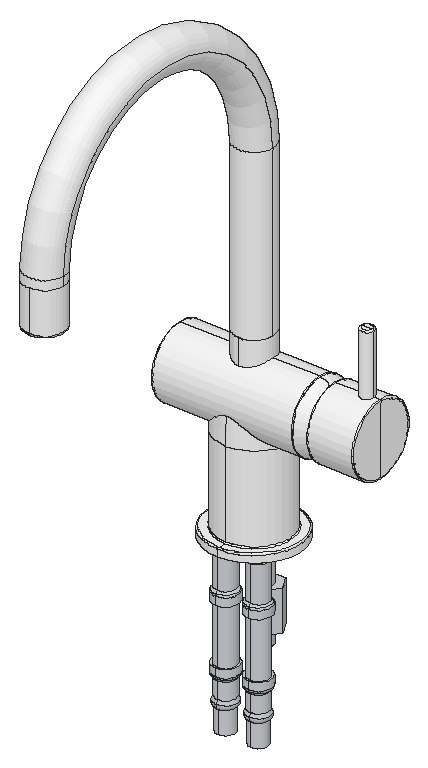
Revit family "Reece_Tap_Sussex_Scala Mini_Basin or Sink Mixer_Curved", category Plumbing Fixtures, host Face, Revit 2018
Family settings
  Host = Face
  Round Connector Dimension = Use Diameter
  Part Type = Normal
  Cut with Voids When Loaded = No
  Shared = Yes
  Room Calculation Point = Yes
Parameters (values of type "150 mm_Chrome_Right Hand")
  WFU = 0  # constant formula
  URL = "https://www.reece.com.au/product/-225941"
  Type Comments = "Tap"
  Reece_Tap_Right_Offset = 33 mm
  Reece_Tap_Reach = 130 mm  # constant formula
  Reece_Tap_Left_Offset = 37 mm
  Reece_Tap_Inlet = 12 mm  # constant formula
  Reece_Tap_Clearance = 150 mm  # constant formula
  Reece_Right_Hand = not(Reece_Left_Hand)  # yes
  Reece_Product_Web Page = "https://www.reece.com.au/product/-225941"
  Reece_Product_Type = "Tap"  # constant formula
  Reece_Product_Sub Brand = "Scala Mini"  # constant formula
  Reece_Product_Number = "225941"
  Reece_Product_Mount = "Hob Mounted"
  Reece_Product_Description = "Sussex Scala Mini Basin / Sink Mixer Tap Small Curved Right Hand Chrome (5 Star)"
  Reece_Product_Brand = "Sussex"  # constant formula
  Reece_Overall_Height = 250 mm  # constant formula
  Reece_Material_Main = Reece_Brass_Chrome
  Reece_Left_Hand = no
  Reece_Detail_Shape = "Curved"  # constant formula
  Reece_Detail_Function = "Basin / Sink Mixer"  # constant formula
  Reece_Detail_Disclaimer = "THIS FILE IS THE PROPERTY OF THE REECE GROUP. IT MAY NOT BE REPRODUCED, REVERSE-ENGINEERED OR MODIFIED. ANY REPUBLICATION, TRANSMISSION OR DISTRIBUTION FOR THE PURPOSE OF COMMERCIALLY EXPLOITING THE FILES IS PROHIBITED."  # constant formula
  Reece_Detail_Additional = "Small"  # constant formula
  Model = "Scala Mini"
  Manufacturer = "Sussex"
  Keynote = "Product #225941, Reece_Tap_Sussex_Scala Mini_Basin or Sink Mixer_Curved - 150 mm_Chrome_Right Hand"
  HWFU = 0  # constant formula
  Disclaimer = "THIS FILE IS THE PROPERTY OF THE REECE GROUP. IT MAY NOT BE REPRODUCED, REVERSE-ENGINEERED OR MODIFIED. ANY REPUBLICATION, TRANSMISSION OR DISTRIBUTION FOR THE PURPOSE OF COMMERCIALLY EXPLOITING THE FILES IS PROHIBITED."  # constant formula
  Description = "Scala Mini Basin / Sink Mixer Tap Small Curved Right Hand Chrome (5 Star)"
  Default Elevation = 1000 mm
  CWFU = 0  # constant formula
Types (5, lengths in mm): name | URL | Reece_Tap_Right_Offset | Reece_Tap_Left_Offset | Reece_Right_Hand | Reece_Product_Web Page | Reece_Product_Number | Reece_Product_Description | Reece_Material_Main | Reece_Left_Hand | Keynote | Description
  150 mm_Chrome_Left Hand | "https://www.reece.com.au/product/-2262894" | 37 | 33 | no | "https://www.reece.com.au/product/-2262894" | "2262894" | "Sussex Scala Mini Basin / Sink Mixer Tap Small Curved Left Hand Chrome (5 Star)" | Reece_Brass_Chrome | yes | "Product #2262894, Reece_Tap_Sussex_Scala Mini_Basin or Sink Mixer_Curved - 150 mm_Chrome_Left Hand" | "Scala Mini Basin / Sink Mixer Tap Small Curved Left Hand Chrome (5 Star)"
  150 mm_PVD Brushed Platinum Gold_Left Hand | "https://www.reece.com.au/product/-2268209" | 37 | 33 | no | "https://www.reece.com.au/product/-2268209" | "2268209" | "Sussex Scala Mini Basin / Sink Mixer Tap Small Curved Left Hand LUX PVD Brushed Platinum Gold (5 Star)" | Reece_PVD_Brushed_Platinum Gold | yes | "Product #2268209, Reece_Tap_Sussex_Scala Mini_Basin or Sink Mixer_Curved - 150 mm_PVD Brushed Platinum Gold_Left Hand" | "Scala Mini Basin / Sink Mixer Tap Small Curved Left Hand LUX PVD Brushed Platinum Gold (5 Star)"
  150 mm_Chrome_Right Hand | "https://www.reece.com.au/product/-225941" | 33 | 37 | yes | "https://www.reece.com.au/product/-225941" | "225941" | "Sussex Scala Mini Basin / Sink Mixer Tap Small Curved Right Hand Chrome (5 Star)" | Reece_Brass_Chrome | no | "Product #225941, Reece_Tap_Sussex_Scala Mini_Basin or Sink Mixer_Curved - 150 mm_Chrome_Right Hand" | "Scala Mini Basin / Sink Mixer Tap Small Curved Right Hand Chrome (5 Star)"
  150 mm_PVD Brushed Platinum Gold_Right Hand | "https://www.reece.com.au/product/-2268208" | 33 | 37 | yes | "https://www.reece.com.au/product/-2268208" | "2268208" | "Sussex Scala Mini Basin / Sink Mixer Tap Small Curved Right Hand LUX PVD Brushed Platinum Gold (5 Star)" | Reece_PVD_Brushed_Platinum Gold | no | "Product #2268208, Reece_Tap_Sussex_Scala Mini_Basin or Sink Mixer_Curved - 150 mm_PVD Brushed Platinum Gold_Right Hand" | "Scala Mini Basin / Sink Mixer Tap Small Curved Right Hand LUX PVD Brushed Platinum Gold (5 Star)"
  150 mm_Matte Black_Right Hand | "https://www.reece.com.au/product/-2263333" | 33 | 37 | yes | "https://www.reece.com.au/product/-2263333" | "2263333" | "Sussex Scala Mini Basin / Sink Mixer Tap Small Curved Right Hand Matte Black (5 Star)" | Reece_Brass_Matte Black | no | "Product #2263333, Reece_Tap_Sussex_Scala Mini_Basin or Sink Mixer_Curved - 150 mm_Matte Black_Right Hand" | "Scala Mini Basin / Sink Mixer Tap Small Curved Right Hand Matte Black (5 Star)"
Reference planes
  plane 1 "Center (Front/Back)": y = 0
  plane 2 "Bottom": z = 0
  plane 3 "Center (Left/Right)": x = 0
  plane 4: z = 150
  plane 5: y = -130
  plane 6: z = 250
  plane 7: z = 65
  plane 8: z = 82
  plane 9: x = 33
  plane 10: x = -37
  plane 11: x = -67
  plane 12: z = 47
  plane 13: z = 112
Forms (mm)
  Revolve 1, solid, material "Reece_Brass_Chrome" <- "Reece_Material_Main"
    sketch origin (0, 0, 0) x (0, 1, 0) y (0, 0, 1)
      loop
        line (-15.193, 0) -> (-15.193, 1.889) -> (0, 1.889) -> (0, 92.591) -> (-8.384, 92.591) -> (-9.5, 91.654) -> (-9.5, 65) -> (-16.5, 65)
        arc (-16.5, 65) -> (-17.25, 56.014) -> (-17.5, 47) r 162.5
        line (-17.5, 47) -> (-17.5, 4.5)
        arc (-17.5, 4.5) -> (-17.646, 4.146) -> (-18, 4) r 0.5
        line (-18, 4) -> (-21.9, 4)
        arc (-21.9, 4) -> (-22.324, 3.824) -> (-22.5, 3.4) r 0.6
        line (-22.5, 3.4) -> (-22.5, 0) -> (-15.193, 0)
      axis (0, 92.591) -> (0, 0)
    angle from 0 to 360
  Revolve 2, solid, material "Reece_Brass_Chrome" <- "Reece_Material_Main"
    sketch origin (0, 0, 0) x (1, 0, 0) y (0, 0, 1)
      loop
        line (-37, 64.5) -> (33, 64.5) -> (33, 81.5)
        arc (33, 81.5) -> (32.854, 81.854) -> (32.5, 82) r 0.5
        line (32.5, 82) -> (-36.475, 82)
        arc (-36.475, 82) -> (-36.846, 81.846) -> (-37, 81.475) r 0.525
        line (-37, 81.475) -> (-37, 64.5)
      axis (-37, 64.5) -> (33, 64.5)
    angle from 0 to 360
  Sweep 3, solid, material "Reece_Brass_Chrome" <- "Reece_Material_Main"
    path origin (0, 0, 0.312) x (0, 1, 0) y (0, 0, 1)
      loop
        line (0, 91.687) -> (0, 175.172)
        arc (0, 175.172) -> (-65, 240.172) -> (-130, 175.172) r 65
        line (-130, 175.172) -> (-130, 170.635)
    profile origin (0, 0, 133.742) x (0, -1, 0) y (1, 0, 0)
      loop
        circle (0, 0) r 9.5
  Revolve 4, solid, material "Reece_Brass_Chrome" <- "Reece_Material_Main"
    sketch origin (0, -0.135, 0.051) x (0, 1, 0) y (0, 0, 1)
      loop
        line (-129.865, 170.896) -> (-139.38, 170.896) -> (-139.38, 150.5)
        arc (-139.38, 150.5) -> (-139.234, 150.146) -> (-138.88, 150) r 0.5
        line (-138.88, 150) -> (-137.985, 150) -> (-137.985, 150.896) -> (-137.103, 150.896) -> (-136.685, 150) -> (-129.865, 150) -> (-129.865, 170.896)
      axis (-129.865, 170.896) -> (-129.865, 150)
    angle from 0 to 360
  Revolve 5, solid, material "Reece_Brass_Chrome" <- "Reece_Material_Main", visible <- "Reece_Left_Hand"
    sketch origin (0, 0, 0) x (1, 0, 0) y (0, 0, 1)
      loop
        arc (-37, 81.35) -> (-45.301, 74.684) -> (-48.402, 64.5) r 18.053
        line (-48.402, 64.5) -> (-37, 64.5) -> (-37, 81.35)
      axis (-48.402, 64.5) -> (-37, 64.5)
    angle from 0 to 360
  Revolve 6, solid, material "Reece_Brass_Chrome" <- "Reece_Material_Main", visible <- "Reece_Left_Hand"
    sketch origin (0, 0, 0) x (1, 0, 0) y (0, 0, 1)
      loop
        line (-66.996, 64.5) -> (-44, 64.5) -> (-44, 81.5)
        arc (-44, 81.5) -> (-44.146, 81.854) -> (-44.5, 82) r 0.5
        line (-44.5, 82) -> (-66.496, 82)
        arc (-66.496, 82) -> (-66.85, 81.854) -> (-66.996, 81.5) r 0.5
        line (-66.996, 81.5) -> (-66.996, 64.5)
      axis (-66.996, 64.5) -> (-44, 64.5)
    angle from 0 to 360
  Revolve 7, solid, material "Reece_Brass_Chrome" <- "Reece_Material_Main", visible <- "Reece_Left_Hand"
    sketch origin (0, 0, 0) x (1, 0, 0) y (0, 0, 1)
      loop
        line (-60.2, 112) -> (-60.2, 73.2) -> (-57.05, 73.2) -> (-57.05, 111.385)
        arc (-57.05, 111.385) -> (-57.23, 111.82) -> (-57.665, 112) r 0.615
        line (-57.665, 112) -> (-60.2, 112)
      axis (-60.2, 112) -> (-60.2, 73.2)
    angle from 0 to 360
  Revolve 8, solid, material "Reece_Brass_Chrome" <- "Reece_Material_Main", visible <- "Reece_Right_Hand"
    sketch origin (4, 0, 0) x (-1, 0, 0) y (0, 0, -1)
      loop
        arc (-40.402, -64.5) -> (-37.559, -75.112) -> (-29, -82) r 17.695
        line (-29, -82) -> (-29, -64.5) -> (-40.402, -64.5)
      axis (-40.402, -64.5) -> (-29, -64.5)
    angle from 0 to 360
  Revolve 9, solid, material "Reece_Brass_Chrome" <- "Reece_Material_Main", visible <- "Reece_Right_Hand"
    sketch origin (4, 0, 0) x (-1, 0, 0) y (0, 0, -1)
      loop
        line (-58.996, -64.5) -> (-58.996, -81.5)
        arc (-58.996, -81.5) -> (-58.85, -81.854) -> (-58.496, -82) r 0.5
        line (-58.496, -82) -> (-36.5, -82)
        arc (-36.5, -82) -> (-36.146, -81.854) -> (-36, -81.5) r 0.5
        line (-36, -81.5) -> (-36, -64.5) -> (-58.996, -64.5)
      axis (-58.996, -64.5) -> (-36, -64.5)
    angle from 0 to 360
  Revolve 10, solid, material "Reece_Brass_Chrome" <- "Reece_Material_Main", visible <- "Reece_Right_Hand"
    sketch origin (4, 0, 0) x (-1, 0, 0) y (0, 0, -1)
      loop
        line (-52.2, -112) -> (-49.665, -112)
        arc (-49.665, -112) -> (-49.23, -111.82) -> (-49.05, -111.385) r 0.615
        line (-49.05, -111.385) -> (-49.05, -73.2) -> (-52.2, -73.2) -> (-52.2, -112)
      axis (-52.2, -112) -> (-52.2, -73.2)
    angle from 0 to 360
  Extrusion 11, void
    sketch origin (0, 0, 0) x (1, 0, 0) y (0, 1, 0)
      loop
        circle (0, 0) r 15.193
    from -15.592 to 0
  Revolve 12, solid
    sketch origin (0.121, -6.983, -4.38) x (0, 1, 0) y (0, 0, 1)
      loop
        line (11.924, 6.27) -> (11.924, -47)
        arc (11.924, -47) -> (12.07, -47.353) -> (12.424, -47.5) r 0.5
        line (12.424, -47.5) -> (14.924, -47.5) -> (14.924, 6.27) -> (11.924, 6.27)
      axis (14.924, -47.5) -> (14.924, 6.27)
    angle from 0 to 360
  Extrusion 13, solid
    sketch origin (619.321, -626.183, -34.38) x (1, 0, 0) y (0, 1, 0)
      loop
        circle (-619.2, 634.124) r 3
      loop
        line (-622.996, 640.698) -> (-626.791, 634.124) -> (-622.996, 627.549) -> (-615.404, 627.549) -> (-611.609, 634.124) -> (-615.404, 640.698) -> (-622.996, 640.698)
    from -10 to 10
  Revolve 14, solid
    sketch origin (-8.15, -4579.5, 333.442) x (0, 0, 1) y (0, -1, 0)
      loop
        line (-389.647, -4565.8) -> (-393.549, -4565.8)
        arc (-393.549, -4565.8) -> (-394.023, -4565.877) -> (-394.449, -4566.101) r 1.5
        line (-394.449, -4566.101) -> (-395.687, -4567.03) -> (-404.047, -4567.03) -> (-406.076, -4566.425)
        arc (-406.076, -4566.425) -> (-407.469, -4566.518) -> (-408.462, -4567.5) r 2
        line (-408.462, -4567.5) -> (-419.774, -4567.5) -> (-419.774, -4572) -> (-331.553, -4572) -> (-331.553, -4568.64) -> (-338.011, -4568.64) -> (-338.011, -4567.03) -> (-355.506, -4567.03) -> (-356.743, -4566.101)
        arc (-356.743, -4566.101) -> (-357.169, -4565.877) -> (-357.644, -4565.8) r 1.5
        line (-357.644, -4565.8) -> (-361.546, -4565.8) -> (-361.546, -4567) -> (-389.647, -4567) -> (-389.647, -4565.8)
      axis (-419.774, -4572) -> (-331.553, -4572)
    angle from 0 to 360
  Revolve 15, solid
    sketch origin (8.15, -4579.5, 333.442) x (0, 0, 1) y (0, 1, 0)
      loop
        line (-389.647, 4565.8) -> (-389.647, 4567) -> (-361.546, 4567) -> (-361.546, 4565.8) -> (-357.644, 4565.8)
        arc (-357.644, 4565.8) -> (-357.169, 4565.877) -> (-356.743, 4566.101) r 1.5
        line (-356.743, 4566.101) -> (-355.506, 4567.03) -> (-338.011, 4567.03) -> (-338.011, 4568.64) -> (-331.553, 4568.64) -> (-331.553, 4572) -> (-419.774, 4572) -> (-419.774, 4567.5) -> (-408.462, 4567.5)
        arc (-408.462, 4567.5) -> (-407.469, 4566.518) -> (-406.076, 4566.425) r 2
        line (-406.076, 4566.425) -> (-404.047, 4567.03) -> (-395.687, 4567.03) -> (-394.449, 4566.101)
        arc (-394.449, 4566.101) -> (-394.023, 4565.877) -> (-393.549, 4565.8) r 1.5
        line (-393.549, 4565.8) -> (-389.647, 4565.8)
      axis (-419.774, 4572) -> (-331.553, 4572)
    angle from 0 to 360
Cuts and joins
  joined: Revolve 1, Revolve 2, Sweep 3
  joined: Revolve 5, Revolve 6, Revolve 7
  joined: Revolve 8, Revolve 9, Revolve 10
  joined: Revolve 12, Extrusion 13
Text (mm)
  text "Reece Copyright © 2018, Reece Ltd." at (-296.225, -219.523, 0), in view "Ref. Level"
  text "Reece ©" at (44.384, 258.95, 192.345), in view "Reece Preview"
Dimensions and locks
  plane 7 to host face = 65 mm
  plane 8 to host face = 82 mm
  plane 11 to plane 9 = 100 mm
  "Reece_Tap_Left_Offset": plane 10 to plane 3 "Center (Left/Right)"
  "Reece_Tap_Right_Offset": plane 3 "Center (Left/Right)" to plane 9
  plane 13 to plane 12 = 65 mm
  "Reece_Overall_Height": plane 6 to plane 2 "Bottom"
  "Reece_Tap_Clearance": plane 4 to plane 2 "Bottom"
  "Reece_Tap_Reach": plane 1 "Center (Front/Back)" to plane 5
  aligned and locked: plane 2 "Bottom" to host face
  aligned and locked: level to host face
  aligned and locked: plane 10 to cut or joined group of Revolve 1, Revolve 2, Sweep 3
  aligned and locked: cut or joined group of Revolve 1, Revolve 2, Sweep 3 to plane 9
Automatic sketch dimensions
  host sketch curve to host sketch curve = 380.785 mm
  host sketch curve to host sketch curve = 317.421 mm
  level to Revolve 1 sketch curve = 0 mm
  plane 12 to Revolve 1 sketch curve = 0 mm
  Revolve 1 sketch curve to plane 7 = 0 mm
  Revolve 1 sketch curve to plane 1 "Center (Front/Back)" = 0 mm  (x2)
  plane 1 "Center (Front/Back)" to Revolve 1 sketch curve = 8.384 mm
  plane 1 "Center (Front/Back)" to Revolve 1 sketch curve = 9.5 mm
  plane 1 "Center (Front/Back)" to Revolve 1 sketch curve = 15.193 mm
  Revolve 1 sketch curve to Revolve 1 sketch curve = 7 mm
  plane 1 "Center (Front/Back)" to Revolve 1 sketch curve = 17.5 mm
  Revolve 1 sketch curve to Revolve 1 sketch curve = 0.5 mm
  Revolve 1 sketch curve to Revolve 1 sketch curve = 3.9 mm
  Revolve 1 sketch curve to Revolve 1 sketch curve = 0.6 mm
  level to Revolve 1 sketch curve = 1.889 mm
  Revolve 1 sketch curve to Revolve 1 sketch curve = 3.4 mm
  plane 8 to Revolve 1 sketch curve = 9.654 mm
  Revolve 1 sketch curve to Revolve 1 sketch curve = 0.936 mm
  Revolve 1 sketch curve to level = 30 mm
  plane 12 to Revolve 1 sketch curve = 22 mm
  plane 10 to Revolve 2 sketch curve = 0 mm
  Revolve 2 sketch curve to plane 8 = 0 mm
  Revolve 2 sketch curve to plane 3 "Center (Left/Right)" = 0 mm
  Revolve 2 sketch curve to plane 9 = 0 mm
  Revolve 2 sketch curve to plane 10 = 0.525 mm
  Revolve 2 sketch curve to plane 9 = 0.5 mm
  Revolve 2 sketch curve to plane 7 = 0.5 mm  (x2)
  Revolve 2 sketch curve to plane 10 = 3.498 mm
  Sweep 3 sketch curve to plane 3 "Center (Left/Right)" = 0 mm
  Sweep 3 sketch curve to profile plane = 0 mm
  Revolve 7 sketch curve to plane 13 = 0 mm
  Revolve 7 sketch curve to plane 11 = 6.8 mm
  plane 13 to Revolve 7 sketch curve = 0.615 mm
  Revolve 7 sketch curve to Revolve 7 sketch curve = 2.535 mm
  plane 7 to Revolve 7 sketch curve = 8.2 mm
  Revolve 7 sketch curve to Revolve 7 sketch curve = 0 mm
  Revolve 7 sketch curve to plane 8 = 3.8 mm
  Revolve 7 sketch curve to Revolve 7 sketch curve = 2.831 mm
  Revolve 8 sketch curve to plane 8 = 0 mm
  Revolve 8 sketch curve to plane 9 = 0 mm
  Revolve 8 sketch curve to plane 7 = 0.5 mm  (x2)
  plane 9 to Revolve 8 sketch curve = 11.402 mm
  plane 7 to Revolve 8 sketch curve = 0.452 mm
  plane 9 to Revolve 8 sketch curve = 5.701 mm
  Revolve 8 sketch curve to Revolve 8 sketch curve = 1.467 mm
  Revolve 10 sketch curve to plane 13 = 0 mm
  plane 9 to Revolve 10 sketch curve = 23.2 mm
  plane 13 to Revolve 10 sketch curve = 0.615 mm
  Revolve 10 sketch curve to Revolve 10 sketch curve = 2.535 mm
  plane 7 to Revolve 10 sketch curve = 8.2 mm
  Revolve 10 sketch curve to Revolve 10 sketch curve = 0 mm
  Revolve 10 sketch curve to plane 8 = 3.8 mm
  Revolve 10 sketch curve to Revolve 10 sketch curve = 2.831 mm
  plane 1 "Center (Front/Back)" to Extrusion 11 sketch curve = 0 mm
  Extrusion 11 sketch curve to plane 3 "Center (Left/Right)" = 0 mm
  level to Revolve 12 sketch curve = 1.889 mm
  Revolve 12 sketch curve to plane 1 "Center (Front/Back)" = 4.941 mm
  Revolve 12 sketch curve to Revolve 12 sketch curve = 0.5 mm
  Revolve 12 sketch curve to Revolve 12 sketch curve = 2.5 mm
  Revolve 12 sketch curve to level = 51.38 mm
  Revolve 12 sketch curve to plane 1 "Center (Front/Back)" = 7.941 mm
  Revolve 12 sketch curve to Revolve 12 sketch curve = 0 mm
  Revolve 12 sketch curve to Revolve 12 sketch curve = 13.87 mm
  Extrusion 13 sketch curve to Extrusion 13 sketch curve = 0 mm  (x3)
  Extrusion 13 sketch curve to plane 3 "Center (Left/Right)" = 7.471 mm
  Extrusion 13 sketch curve to plane 3 "Center (Left/Right)" = 3.675 mm  (x2)
  Extrusion 13 sketch curve to plane 1 "Center (Front/Back)" = 1.367 mm
  plane 3 "Center (Left/Right)" to Extrusion 13 sketch curve = 0.121 mm
  plane 3 "Center (Left/Right)" to Extrusion 13 sketch curve = 3.916 mm  (x2)
  Extrusion 13 sketch curve to Extrusion 13 sketch curve = 3.796 mm
  Extrusion 13 sketch curve to Extrusion 13 sketch curve = 6.574 mm  (x3)
  Extrusion 13 sketch curve to Extrusion 13 sketch curve = 3 mm
  plane 1 "Center (Front/Back)" to Revolve 14 sketch curve = 12 mm
  Revolve 14 sketch curve to level = 86.332 mm
  Revolve 14 sketch curve to Revolve 14 sketch curve = 11.313 mm
  Revolve 14 sketch curve to Revolve 14 sketch curve = 1.814 mm
  plane 1 "Center (Front/Back)" to Revolve 14 sketch curve = 13.075 mm
  Revolve 14 sketch curve to Revolve 14 sketch curve = 0.571 mm
  plane 1 "Center (Front/Back)" to Revolve 14 sketch curve = 12.47 mm
  Revolve 14 sketch curve to Revolve 14 sketch curve = 2.029 mm
  Revolve 14 sketch curve to Revolve 14 sketch curve = 8.36 mm
  plane 1 "Center (Front/Back)" to Revolve 14 sketch curve = 13.399 mm  (x2)
  Revolve 14 sketch curve to Revolve 14 sketch curve = 1.238 mm  (x2)
  Revolve 14 sketch curve to Revolve 14 sketch curve = 0.901 mm  (x2)
  Revolve 14 sketch curve to Revolve 14 sketch curve = 3.901 mm  (x2)
  plane 1 "Center (Front/Back)" to Revolve 14 sketch curve = 13.7 mm
  Revolve 14 sketch curve to Revolve 14 sketch curve = 28.102 mm
  Revolve 14 sketch curve to level = 4.568 mm
  level to Revolve 14 sketch curve = 1.889 mm
  plane 1 "Center (Front/Back)" to Revolve 14 sketch curve = 10.86 mm
  Revolve 14 sketch curve to Revolve 14 sketch curve = 4.5 mm
  Revolve 14 sketch curve to Revolve 14 sketch curve = 1.199 mm
  Revolve 14 sketch curve to Revolve 14 sketch curve = 1.61 mm
  Revolve 14 sketch curve to Revolve 14 sketch curve = 1.2 mm
  plane 1 "Center (Front/Back)" to Revolve 14 sketch curve = 7.5 mm
  Revolve 14 sketch curve to Revolve 14 sketch curve = 71.41 mm
  Revolve 14 sketch curve to level = 1.522 mm
  plane 1 "Center (Front/Back)" to Revolve 15 sketch curve = 12 mm
  Revolve 15 sketch curve to level = 86.332 mm
  Revolve 15 sketch curve to Revolve 15 sketch curve = 11.313 mm
  Revolve 15 sketch curve to Revolve 15 sketch curve = 1.814 mm
  plane 1 "Center (Front/Back)" to Revolve 15 sketch curve = 13.075 mm
  Revolve 15 sketch curve to Revolve 15 sketch curve = 0.571 mm
  plane 1 "Center (Front/Back)" to Revolve 15 sketch curve = 12.47 mm  (x2)
  Revolve 15 sketch curve to Revolve 15 sketch curve = 2.029 mm
  Revolve 15 sketch curve to Revolve 15 sketch curve = 8.36 mm
  plane 1 "Center (Front/Back)" to Revolve 15 sketch curve = 13.399 mm  (x2)
  Revolve 15 sketch curve to Revolve 15 sketch curve = 1.238 mm  (x2)
  Revolve 15 sketch curve to Revolve 15 sketch curve = 0.901 mm  (x2)
  Revolve 15 sketch curve to Revolve 15 sketch curve = 3.901 mm  (x2)
  plane 1 "Center (Front/Back)" to Revolve 15 sketch curve = 13.7 mm
  Revolve 15 sketch curve to Revolve 15 sketch curve = 28.102 mm
  Revolve 15 sketch curve to level = 4.568 mm
  level to Revolve 15 sketch curve = 1.889 mm
  Revolve 15 sketch curve to Revolve 15 sketch curve = 0.301 mm
  Revolve 15 sketch curve to Revolve 15 sketch curve = 1.2 mm
  Revolve 15 sketch curve to Revolve 15 sketch curve = 1.61 mm
  Revolve 15 sketch curve to Revolve 15 sketch curve = 4.5 mm
  plane 1 "Center (Front/Back)" to Revolve 15 sketch curve = 7.5 mm
  Revolve 15 sketch curve to Revolve 15 sketch curve = 71.41 mm
  Revolve 15 sketch curve to level = 1.522 mm
  plane 10 to Revolve 5 sketch curve = 0 mm
  Revolve 5 sketch curve to plane 7 = 0.433 mm
  Revolve 5 sketch curve to plane 10 = 6.65 mm
  Revolve 5 sketch curve to plane 7 = 0.5 mm  (x2)
  Revolve 5 sketch curve to Revolve 5 sketch curve = 5.701 mm  (x2)
  Revolve 5 sketch curve to plane 10 = 1.467 mm
  Revolve 6 sketch curve to plane 8 = 0 mm
  Revolve 6 sketch curve to plane 11 = 0.004 mm
  plane 10 to Revolve 6 sketch curve = 7.5 mm
  Revolve 6 sketch curve to plane 8 = 0.5 mm  (x2)
  Revolve 6 sketch curve to plane 7 = 0.5 mm  (x2)
  Revolve 6 sketch curve to Revolve 6 sketch curve = 8.386 mm
  Revolve 6 sketch curve to Revolve 6 sketch curve = 1.158 mm
  Revolve 9 sketch curve to plane 8 = 0 mm
  Revolve 9 sketch curve to plane 7 = 0.5 mm  (x2)
  plane 9 to Revolve 9 sketch curve = 29.996 mm
  plane 9 to Revolve 9 sketch curve = 7.5 mm
  plane 9 to Revolve 9 sketch curve = 7 mm
  Revolve 9 sketch curve to plane 8 = 0.5 mm
  Revolve 9 sketch curve to Revolve 9 sketch curve = 8.386 mm
  Revolve 9 sketch curve to Revolve 9 sketch curve = 1.158 mm
  plane 4 to Revolve 4 sketch curve = 0.051 mm  (x2)
  plane 5 to Revolve 4 sketch curve = 9.515 mm
  Revolve 4 sketch curve to Revolve 4 sketch curve = 0.895 mm
  plane 4 to Revolve 4 sketch curve = 0.948 mm
  Revolve 4 sketch curve to Revolve 4 sketch curve = 0.882 mm
  Revolve 4 sketch curve to Revolve 4 sketch curve = 0.418 mm
  Revolve 4 sketch curve to plane 5 = 0 mm  (x2)
  Revolve 4 sketch curve to Revolve 4 sketch curve = 0.5 mm
  Revolve 4 sketch curve to Revolve 4 sketch curve = 20 mm
  Revolve 4 sketch curve to Revolve 4 sketch curve = 5.163 mm
  plane 4 to Revolve 4 sketch curve = 14.888 mm
  Sweep 3 sketch curve to plane 5 = 0 mm
  Sweep 3 sketch curve to plane 1 "Center (Front/Back)" = 0 mm
  plane 4 to Sweep 3 sketch curve = 25.484 mm
  Sweep 3 sketch curve to Sweep 3 sketch curve = 4.537 mm
  plane 8 to Sweep 3 sketch curve = 10 mm
  radius of Sweep 3 sketch curve = 9.5 mm
  radius of Extrusion 11 sketch curve = 15.193 mm
Connectors
  piping at (-8.15, -7.5, -86.332), diameter 12, driven by "Reece_Tap_Inlet"
    settings: on Revolve 14, index 1, connector inside diameter 609.6 mm, connector length 0 mm, flow factor 0, pipe flow 0.0 L/s, pressure drop 0.0 Pa, fitting loss kfactor 0, connector angle 0.00°, fixture units 0, engagement length 0 mm, angle of deflection 0.00°, flow configuration 0, flow direction 1, fitting loss method 0, system type 29, joint type 0, gender type 0, connector reference index -1, connector utility 0, adjustable connector no, is connector primary yes, connector description ""
  piping at (8.15, -7.5, -86.332), diameter 12, driven by "Reece_Tap_Inlet"
    settings: on Revolve 15, index 2, connector inside diameter 609.6 mm, connector length 0 mm, flow factor 0, pipe flow 0.0 L/s, pressure drop 0.0 Pa, fitting loss kfactor 0, connector angle 0.00°, fixture units 0, engagement length 0 mm, angle of deflection 0.00°, flow configuration 0, flow direction 1, fitting loss method 0, system type 29, joint type 0, gender type 0, connector reference index -1, connector utility 0, adjustable connector no, is connector primary no, connector description ""
